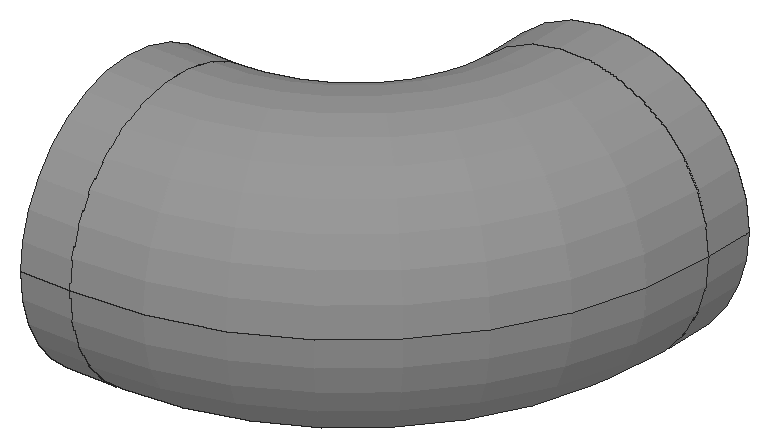
Revit family "PAM-GLOBAL_elbow", category Соединительные детали трубопроводов, Revit 2016
Family settings
  Тип детали = Отвод
  Размер круглого соединителя = Использовать радиус
  Номер OmniClass = 23.60.30.11.14
  Заголовок OmniClass = Pipework Fittings
  На основе рабочей плоскости = Нет
  Всегда вертикально = Да
  При загрузке вырезать с полостями = Нет
  Общий = Нет
Parameters (values of type "PAM-GLOBAL® S 88˚")
  Таблица коэффициентов K = "Regular 45, 90 and 180 Elbow"
  built-in parameter 1114238 [instance] = (empty or 0)
  Loss Method = (empty or 0)
  Материал = Чугун, ковкий
  built-in parameter 1114242 [instance] = (empty or 0)
  X = 110 mm
  R [instance] = 50 mm
  Dy [instance] = R * 2  # 100 mm
  Dn = 110 mm
Reference planes
  plane 1 "По центру (Вперед/Назад)": y = 0
  plane 2: z = 0
  plane 3 "По центру (Влево/Вправо)": x = 0
  plane 4: x = -110
  plane 5: y = 110
  plane 6: x = -90
  plane 7: y = 90
Forms (mm)
  Sweep 1, solid, material "Чугун, ковкий" <- "Материал", detail levels fine
    path origin (0, 0, 0) x (1, 0, 0) y (0, 1, 0)
      loop
        line (0, 110) -> (0, 90)
        arc (0, 90) -> (-26.36, 26.36) -> (-90, 0) r 90
        line (-90, 0) -> (-110, 0)
    profile origin (-100, 0, 0) x (0, -1, 0) y (0, 0, 1)
      loop
        circle (0, 0) r 55
Lines and regions (mm)
  reference lines
    curve 1: line (0, 0, 0) -> (0, 19.05, 0)
  model lines, detail levels coarse+medium
    curve 2: line (-110, 0, 0) -> (-90, 0, 0)
    curve 3: arc (-90, 0, 0) -> (-26.36, 26.36, 0) -> (0, 90, 0) r 90
    curve 4: line (0, 90, 0) -> (0, 110, 0)
Dimensions and locks
  "X": plane 4 to plane 3 "По центру (Влево/Вправо)"
  "X": plane 5 to plane 1 "По центру (Вперед/Назад)"
  "Dn": diameter of Sweep 1 sketch curve
  aligned and locked: plane 1 "По центру (Вперед/Назад)" to curve 1
  aligned and locked: plane 3 "По центру (Влево/Вправо)" to curve 1
Automatic sketch dimensions
  plane 1 "По центру (Вперед/Назад)" to Sweep 1 sketch curve = 0 mm
  Sweep 1 sketch curve to plane 4 = 0 mm
  Sweep 1 sketch curve to plane 6 = 0 mm
  Sweep 1 sketch curve to plane 7 = 0 mm
  Sweep 1 sketch curve to plane 5 = 0 mm
  curve 1 to plane 1 "По центру (Вперед/Назад)" = 19.05 mm
  plane 1 "По центру (Вперед/Назад)" to curve 2 = 0 mm
  curve 2 to plane 4 = 0 mm
  curve 3 to plane 6 = 0 mm
  curve 4 to plane 7 = 0 mm
  curve 4 to plane 5 = 0 mm
  Sweep 1 sketch curve to level = 0 mm
  Sweep 1 sketch curve to profile plane = 0 mm
Connectors
  piping at (0, 110, 0), diameter 100, driven by "R"
    settings: on Sweep 1, index 1, connector inside diameter 609.6 mm, connector length 0 mm, flow factor 0, pipe flow 0.0 L/s, pressure drop 0.0 Pa, fitting loss kfactor 0, connector angle 90.00°, fixture units 0, engagement length 0 mm, angle of deflection 0.00°, flow configuration 0, flow direction 0, fitting loss method 0, system type 28, joint type 0, gender type 0, connector reference index 2, connector utility 0, adjustable connector no, is connector primary no, connector description ""
  piping at (-110, 0, 0), diameter 100, driven by "R"
    settings: on Sweep 1, index 2, connector inside diameter 609.6 mm, connector length 0 mm, flow factor 0, pipe flow 0.0 L/s, pressure drop 0.0 Pa, fitting loss kfactor 0, connector angle 90.00°, fixture units 0, engagement length 0 mm, angle of deflection 0.00°, flow configuration 0, flow direction 0, fitting loss method 0, system type 28, joint type 0, gender type 0, connector reference index 1, connector utility 0, adjustable connector no, is connector primary yes, connector description ""
